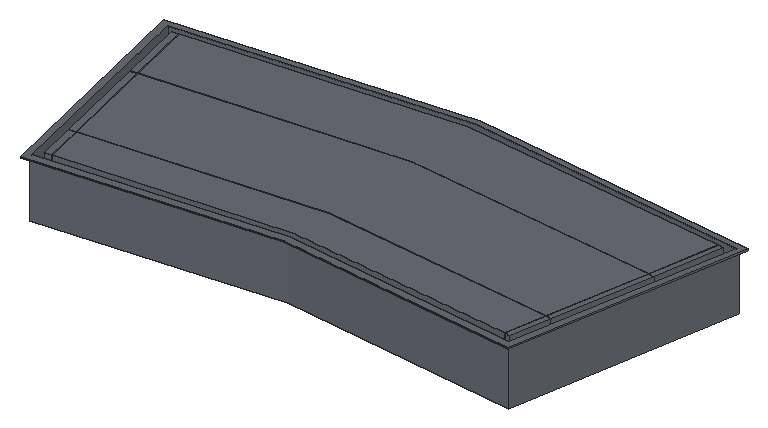
Revit family
Parameters (values of type "PL07 08 5/3")
  Inner Side = 144 mm
  Width = 419 mm
  URL = "http://www.meinertz.com/pictures_org/prodk.pdf"
  Thermal Performance Index = 8
  Thermal Performance Constant = if(Thermal Performance Index = 3, 145, if(Thermal Performance Index = 4, 191, if(Thermal Performance Index = 5, 231, if(Thermal Performance Index = 6, 262, if(Thermal Performance Index = 7, 287, if(Thermal Performance Index = 8, 317, if(Thermal Performance Index = 9, 339, if(Thermal Performance Index = 10, 359, if(Thermal Performance Index = 11, 382, if(Thermal Performance Index = 12, 404, if(Thermal Performance Index = 13, 424, 444)))))))))))  # 317
  Thermal Performance = Thermal Performance Constant * Length / 1000 mm  # 318.9473
  Tapping Depth = if(Tap Radius = 9.5 mm / 2, 13 mm, 17 mm)  # 13 mm
  Tap Radius = 9.5 mm / 2  # 4.75 mm
  R = ((K ^ 2) / (8 * H) + (H / 2))  # 2525 mm
  Outer Side Width = Width - Inner Side - Convector Width  # 96 mm
  Model = "PL07 08 5/3"
  Manufacturer = "Meinertz"  # constant formula
  Length = 2 * 3.14 * R * Alpha / Full Circle  # 1006.143 mm
  Keynote = "PL07 08 5/3"
  K = 1000 mm
  Inner Rad = R - Actual Width  # 2106 mm
  H = 50 mm
  Grill = RAL 7024
  GoGetNo = 6949  # constant formula
  Full Circle = 360.00°  # constant formula
  Frame = RAL 7024
  Flip Convector Side = no
  Depth Outer = if(Flip Convector Side, 20 mm, 70 mm)  # 70 mm
  Depth Inside = if(Flip Convector Side, 70 mm, 20 mm)  # 20 mm
  Count Grill Total = (Width - 13 mm - 22 mm) / 24 mm  # 16
  Count Grill Side 2 = Count Grill Total - Count Grill Main - Count Grill Side 1  # 3
  Count Grill Side 1 = (Inner Side - 11 mm - 13 mm) / 24 mm  # 5
  Count Grill Main = (Convector Width - 11 mm) / 24 mm + 1  # 8
  Convector Width = 179 mm
  Center Rad 2 = Center Rad + Actual Width 2  # 2381 mm
  Center Rad = Inner Rad + Actual Width 1  # 2202 mm
  Alpha = 2 * acos((R - H) / R)  # 22.8424°
  Actual Width 3 = if(Flip Convector Side, Count Grill Side 2 * 24 mm + 24 mm, Count Grill Side 1 * 24 mm + 24 mm)  # 144 mm
  Actual Width 2 = (Count Grill Main - 1) * 24 mm + 11 mm  # 179 mm
  Actual Width 1 = if(Flip Convector Side, Count Grill Side 1 * 24 mm + 24 mm, Count Grill Side 2 * 24 mm + 24 mm)  # 96 mm
  Actual Width = Actual Width 1 + Actual Width 2 + Actual Width 3  # 419 mm
Types (8, lengths in mm): name | Inner Side | Width | Thermal Performance Index | Thermal Performance Constant | Thermal Performance | Outer Side Width | Model | Keynote | Inner Rad | Count Grill Total | Count Grill Side 2 | Count Grill Side 1 | Count Grill Main | Convector Width | Center Rad 2 | Center Rad | Actual Width 3 | Actual Width 2 | Actual Width 1 | Actual Width
  (no name) | 144 | 419 | 8 | 317 | 318.9473 | 96 | "PL07 08 5/3" | "PL07 08 5/3" | 2106 | 16 | 3 | 5 | 8 | 179 | 2381 | 2202 | 144 | 179 | 96 | 419
  PL07 08 5/3 | 144 | 419 | 8 | 317 | 318.9473 | 96 | "PL07 08 5/3" | "PL07 08 5/3" | 2106 | 16 | 3 | 5 | 8 | 179 | 2381 | 2202 | 144 | 179 | 96 | 419
  PL07 09 5/4 | 144 | 467 | 9 | 339 | 341.0825 | 120 | "PL07 09 5/4" | "PL07 09 5/4" | 2058 | 18 | 4 | 5 | 9 | 203 | 2381 | 2178 | 144 | 203 | 120 | 467
  PL07 10 5/5 | 144 | 515 | 10 | 359 | 361.2054 | 144 | "PL07 10 5/5" | "PL07 10 5/5" | 2010 | 20 | 5 | 5 | 10 | 227 | 2381 | 2154 | 144 | 227 | 144 | 515
  PL07 11 6/5 | 168 | 563 | 11 | 382 | 384.3466 | 144 | "PL07 11 6/5" | "PL07 11 6/5" | 1962 | 22 | 5 | 6 | 11 | 251 | 2357 | 2106 | 168 | 251 | 144 | 563
  PL07 12 6/6 | 168 | 611 | 12 | 404 | 406.4818 | 168 | "PL07 12 6/6" | "PL07 12 6/6" | 1914 | 24 | 6 | 6 | 12 | 275 | 2357 | 2082 | 168 | 275 | 168 | 611
  PL07 13 7/6 | 192 | 659 | 13 | 424 | 426.6047 | 168 | "PL07 13 7/6" | "PL07 13 7/6" | 1866 | 26 | 6 | 7 | 13 | 299 | 2333 | 2034 | 192 | 299 | 168 | 659
  PL07 14 7/7 | 192 | 707 | 14 | 444 | 446.7275 | 192 | "PL07 14 7/7" | "PL07 14 7/7" | 1818 | 28 | 7 | 7 | 14 | 323 | 2333 | 2010 | 192 | 323 | 192 | 707
Reference planes
  plane 1 "Center (Front/Back)": y = 0
  plane 2: z = 0
  plane 3 "Center (Left/Right)": x = 0
  plane 4: y = -2475
  plane 5: y = 50
  plane 6: x = -500
  plane 7: x = 500
  plane 8: z = -70
  plane 9: z = -20
  plane 10: z = -100
Forms (mm)
  Extrusion 1, solid, material "RAL 7024" <- "Grill"
    sketch origin (0, 0, 0) x (1, 0, 0) y (0, 1, 0)
      loop
        line (-437.127, -134.47) -> (-401.678, -309.946)
        arc (-401.678, -309.946) -> (0, -273) -> (401.678, -309.946) r 2202
        line (401.678, -309.946) -> (437.127, -134.47)
        arc (437.127, -134.47) -> (0, -94) -> (-437.127, -134.47) r 2381
    from 0 to -70
  Extrusion 2, solid, material "RAL 7024" <- "Grill"
    sketch origin (0, 0, 0) x (1, 0, 0) y (0, 1, 0)
      loop
        arc (-437.127, -134.47) -> (0, -94) -> (437.127, -134.47) r 2381
        line (437.127, -134.47) -> (460.892, -16.834)
        arc (460.892, -16.834) -> (0, 26) -> (-460.892, -16.834) r 2501
        line (-460.892, -16.834) -> (-437.127, -134.47)
      loop
        line (-401.678, -309.946) -> (-387.418, -380.529)
        arc (-387.418, -380.529) -> (0, -345) -> (387.418, -380.529) r 2130
        line (387.418, -380.529) -> (401.678, -309.946)
        arc (401.678, -309.946) -> (0, -273) -> (-401.678, -309.946) r 2202
    from 0 to -20
  Extrusion 3, solid, material "RAL 7024" <- "Frame"
    sketch origin (0, 0, 0) x (1, 0, 0) y (0, 1, 0)
      loop
        line (-471.7, -18.885) -> (-447.936, -136.515)
        arc (-447.936, -136.515) -> (-442.533, -135.486) -> (-437.127, -134.47) r 2381
        line (-437.127, -134.47) -> (-460.892, -16.834)
        arc (-460.892, -16.834) -> (-466.297, -17.854) -> (-471.7, -18.885) r 2501
      loop
        arc (471.7, -18.885) -> (466.297, -17.854) -> (460.892, -16.834) r 2501
        line (460.892, -16.834) -> (437.127, -134.47)
        arc (437.127, -134.47) -> (442.533, -135.486) -> (447.936, -136.515) r 2381
        line (447.936, -136.515) -> (471.7, -18.885)
      loop
        line (-412.489, -311.98) -> (-398.231, -382.558)
        arc (-398.231, -382.558) -> (-392.826, -381.537) -> (-387.418, -380.529) r 2130
        line (-387.418, -380.529) -> (-401.678, -309.946)
        arc (-401.678, -309.946) -> (-407.085, -310.956) -> (-412.489, -311.98) r 2202
      loop
        arc (412.489, -311.98) -> (407.085, -310.956) -> (401.678, -309.946) r 2202
        line (401.678, -309.946) -> (387.418, -380.529)
        arc (387.418, -380.529) -> (392.826, -381.537) -> (398.231, -382.558) r 2130
        line (398.231, -382.558) -> (412.489, -311.98)
    from 0 to -20
  Extrusion 4, solid, material "RAL 7024" <- "Frame"
    sketch origin (0, 0, 0) x (1, 0, 0) y (0, 1, 0)
      loop
        arc (447.936, -136.515) -> (442.538, -135.487) -> (437.137, -134.472) r 2381
        line (437.137, -134.472) -> (401.688, -309.948)
        arc (401.688, -309.948) -> (407.09, -310.957) -> (412.489, -311.98) r 2202
        line (412.489, -311.98) -> (447.936, -136.515)
      loop
        line (-447.936, -136.515) -> (-412.489, -311.98)
        arc (-412.489, -311.98) -> (-407.085, -310.956) -> (-401.678, -309.946) r 2202
        line (-401.678, -309.946) -> (-437.127, -134.47)
        arc (-437.127, -134.47) -> (-442.533, -135.486) -> (-447.936, -136.515) r 2381
    from 0 to -70
  Extrusion 5, solid
    sketch origin (-447.936, -136.515, -50) x (0.19802, -0.980198, 0) y (0, 0, 1)
      loop
        circle (149.01, -5) r 4.75
    from 0 to 13 <- "Tapping Depth"
  Extrusion 6, solid
    sketch origin (-447.936, -136.515, -50) x (0.19802, -0.980198, 0) y (0, 0, 1)
      loop
        circle (30, -5) r 4.75
    from 0 to 13
  Extrusion 7, solid
    sketch origin (447.936, -136.515, -50) x (-0.19802, -0.980198, 0) y (0, 0, -1)
      loop
        circle (149.01, 5) r 4.75
    from 0 to 13 <- "Tapping Depth"
  Extrusion 8, solid
    sketch origin (447.936, -136.515, -50) x (-0.19802, -0.980198, 0) y (0, 0, -1)
      loop
        circle (30, 5) r 4.75
    from 0 to 13 <- "Tapping Depth"
  Sweep 9, solid, material "RAL 7024" <- "Frame"
    path origin (0, 0, 0) x (1, 0, 0) y (0, 1, 0)
      loop
        line (-500, 0) -> (-417.03, -410.703)
        arc (-417.03, -410.703) -> (0, -369) -> (417.03, -410.703) r 2106
        line (417.03, -410.703) -> (500, 0)
        arc (500, 0) -> (0, 50) -> (-500, 0) r 2525
    profile origin (0, 50, 0) x (0, 1, 0) y (0, 0, 1)
      loop
        line (0, 0) -> (-11, 0) -> (-11, -100) -> (-9, -100) -> (-9, -2) -> (0, -2) -> (0, 0)
  Extrusion 10, solid, material "RAL 7024" <- "Frame"
    sketch origin (0, 0, 0) x (1, 0, 0) y (0, 1, 0)
      loop
        line (-484.677, -10.201) -> (-406.457, -397.386)
        arc (-406.457, -397.386) -> (0, -358) -> (406.457, -397.386) r 2117
        line (406.457, -397.386) -> (484.677, -10.201)
        arc (484.677, -10.201) -> (0, 37) -> (-484.677, -10.201) r 2512
    from -100 to -98
Lines and regions (mm)
  reference lines
    curve 1: arc (-500, 0, 0) -> (0, 50, 0) -> (500, 0, 0) r 2525
    curve 2: arc (-495.248, -23.525, 0) -> (0, 26, 0) -> (495.248, -23.525, 0) r 2501
    curve 3: arc (-493.069, -34.307, 0) -> (0, 15, 0) -> (493.069, -34.307, 0) r 2490
    curve 4: arc (-471.485, -141.149, 0) -> (0, -94, 0) -> (471.485, -141.149, 0) r 2381
    curve 5: arc (-421.782, -387.178, 0) -> (0, -345, 0) -> (421.782, -387.178, 0) r 2130
    curve 6: arc (-436.04, -316.604, 0) -> (0, -273, 0) -> (436.04, -316.604, 0) r 2202
    curve 7: line (-500, 0, 0) -> (0, -2475, 0)
    curve 8: line (500, 0, 0) -> (0, -2475, 0)
    curve 9: line (-476.453, 4.641, 0) -> (53.234, -2617.31, 0)
    curve 10: line (476.453, 4.641, 0) -> (-52.244, -2612.409, 0)
    curve 11: line (-465.645, 6.693, 0) -> (0, -2298.25, 0)
    curve 12: line (465.645, 6.693, 0) -> (0, -2298.25, 0)
    curve 13: arc (-423.96, -376.396, 0) -> (0, -334, 0) -> (423.96, -376.396, 0) r 2141
    curve 14: arc (-417.03, -410.703, 0) -> (0, -369, 0) -> (417.03, -410.703, 0) r 2106
    curve 15: arc (-497.426, -12.743, 0) -> (0, 37, 0) -> (497.426, -12.743, 0) r 2512
    curve 16: line (-487.251, 2.541, 0) -> (42.452, -2619.488, 0)
    curve 17: line (487.251, 2.541, 0) -> (-41.462, -2614.587, 0)
    curve 18: arc (-419.208, -399.921, 0) -> (0, -358, 0) -> (419.208, -399.921, 0) r 2117
Dimensions and locks
  "H": plane 5 to plane 1 "Center (Front/Back)"
  "K": plane 6 to plane 7
  equal spacing: plane 6, plane 3 "Center (Left/Right)", plane 7
  "R": plane 5 to plane 4
  "Depth Outer": plane 2 to plane 8
  "Depth Inside": plane 2 to plane 9
  locked: plane 2 to Extrusion 6 sketch curve at 55
  locked: plane 2 to Extrusion 5 sketch curve at 55
  locked: plane 2 to Extrusion 8 sketch curve at 55
  locked: plane 2 to Extrusion 7 sketch curve at 55
  curve 7 to curve 15 to curve 2 to curve 3 = 13 mm locked, 11 mm locked, 11 mm locked
  curve 14 to curve 18 to curve 5 to curve 13 = 11 mm locked, 13 mm locked, 11 mm locked  (x2)
  curve 8 to curve 15 to curve 2 to curve 3 = 13 mm locked, 11 mm locked, 11 mm locked
  curve 7 to curve 16 to curve 9 to curve 11 = 13 mm locked, 11 mm locked, 11 mm locked
  curve 12 to curve 10 to curve 17 to curve 8 = 11 mm locked, 11 mm locked, 13 mm locked
  plane 5 to Sweep 9 sketch curve to Sweep 9 sketch curve = 9 mm locked, 2 mm locked
  "Tap Radius": radius of Extrusion 6 sketch curve
  "Tap Radius": radius of Extrusion 5 sketch curve
  "Tap Radius": radius of Extrusion 8 sketch curve
  "Tap Radius": radius of Extrusion 7 sketch curve
  "Inner Rad": radius of curve 14
  "Center Rad": radius of curve 6
  "Center Rad 2": radius of curve 4
  "R": radius of curve 1
  aligned and locked: level to plane 2
  aligned and locked: plane 1 "Center (Front/Back)" to curve 1  (x2)
  aligned and locked: plane 4 to curve 7
  aligned and locked: Extrusion 1 sketch curve to curve 4
  aligned and locked: Extrusion 2 sketch curve to curve 4
  aligned and locked: curve 11 to Extrusion 2 sketch curve  (x2)
  aligned and locked: Extrusion 2 sketch curve to curve 6
  aligned and locked: curve 12 to Extrusion 2 sketch curve  (x2)
  aligned and locked: Extrusion 3 sketch curve to curve 2  (x2)
  aligned and locked: curve 11 to Extrusion 3 sketch curve  (x2)
  aligned and locked: curve 9 to Extrusion 3 sketch curve  (x2)
  aligned and locked: Extrusion 3 sketch curve to curve 4  (x2)
  aligned and locked: curve 12 to Extrusion 3 sketch curve  (x2)
  aligned and locked: curve 10 to Extrusion 3 sketch curve  (x2)
  aligned and locked: curve 10 to Extrusion 4 sketch curve
  aligned and locked: Extrusion 4 sketch curve to curve 4
  aligned and locked: curve 9 to Extrusion 4 sketch curve
  aligned and locked: curve 11 to Extrusion 4 sketch curve
  aligned and locked: plane 8 to Extrusion 1
  aligned and locked: plane 9 to Extrusion 2
  aligned and locked: Extrusion 4 sketch curve to Extrusion 2  (x4)
  aligned: Extrusion 3 to plane 8
  aligned: Extrusion 4 to plane 9
  aligned and locked: Extrusion 1 sketch curve to curve 6
  aligned and locked: curve 11 to Extrusion 1 sketch curve
  aligned and locked: curve 12 to Extrusion 1 sketch curve
  aligned and locked: Extrusion 3 sketch curve to curve 5  (x2)
  aligned and locked: Extrusion 3 sketch curve to curve 6  (x2)
  aligned and locked: Extrusion 2 sketch curve to curve 2
  aligned and locked: Extrusion 2 sketch curve to curve 5
  aligned and locked: Extrusion 4 to plane 8
  aligned and locked: Extrusion 3 to plane 9
  aligned and locked: Sweep 9 sketch curve to curve 1
  aligned and locked: Sweep 9 sketch curve to curve 7
  aligned and locked: Sweep 9 sketch curve to curve 14
  aligned and locked: Sweep 9 sketch curve to curve 8
  aligned and locked: Sweep 9 sketch curve to plane 2
  aligned and locked: plane 5 to Sweep 9 sketch curve
  aligned and locked: plane 10 to Sweep 9 sketch curve
  aligned and locked: Extrusion 10 sketch curve to curve 15
  aligned and locked: curve 16 to Extrusion 10 sketch curve
  aligned and locked: curve 17 to Extrusion 10 sketch curve
  aligned and locked: Extrusion 10 sketch curve to curve 18
  aligned and locked: Extrusion 10 to plane 10
Automatic sketch dimensions
  Extrusion 4 to Extrusion 5 sketch curve = 30 mm
  Extrusion 4 to Extrusion 6 sketch curve = 30 mm
  Extrusion 7 sketch curve to Extrusion 4 = 30 mm
  Extrusion 8 sketch curve to Extrusion 4 = 30 mm
  Extrusion 4 sketch curve to Extrusion 4 sketch curve = 10.801 mm
  Extrusion 4 sketch curve to Extrusion 4 sketch curve = 10.799 mm
  curve 1 to curve 2 = 0 mm
  curve 1 to curve 3 = 0 mm
  curve 1 to curve 4 = 0 mm  (x2)
  curve 1 to curve 5 = 0 mm
  curve 1 to curve 6 = 0 mm
  curve 1 to curve 13 = 0 mm
  curve 1 to curve 14 = 0 mm
  curve 2 to curve 18 = 0 mm
  curve 6 to curve 18 = 0 mm
  curve 14 to curve 18 = 0 mm
  curve 15 to curve 18 = 0 mm
  curve 1 to plane 6 = 0 mm
  curve 7 to plane 3 "Center (Left/Right)" = 0 mm
  curve 11 to plane 3 "Center (Left/Right)" = 0 mm
  curve 18 to plane 4 = 0 mm
  plane 3 "Center (Left/Right)" to curve 16 = 42.452 mm
  curve 17 to plane 1 "Center (Front/Back)" = 2.541 mm
  curve 17 to curve 10 = 2.178 mm
  curve 9 to curve 17 = 2.723 mm
  curve 16 to curve 9 = 2.178 mm
  Sweep 9 sketch curve to level = 2 mm
Connectors
  piping at (-454.738, -168.495, -55)
    settings: on Extrusion 6, index 3, connector radius 4.8 mm, flow factor 0, pipe flow 0.0 L/s, pressure drop 0.0 Pa, fitting loss kfactor 0, connector angle 0.00°, fixture units 0, flow configuration 1, flow direction 1, fitting loss method 0, system type 22, connector reference index -1, connector utility 0, adjustable connector no, is connector primary yes, fitting loss table "", connector description ""
  piping at (-431.172, -285.148, -55)
    settings: on Extrusion 5, index 4, connector radius 4.8 mm, flow factor 0, pipe flow 0.0 L/s, pressure drop 0.0 Pa, fitting loss kfactor 0, connector angle 0.00°, fixture units 0, flow configuration 1, flow direction 2, fitting loss method 0, system type 22, connector reference index -1, connector utility 0, adjustable connector no, is connector primary no, fitting loss table "", connector description ""
  piping at (431.172, -285.148, -55)
    settings: on Extrusion 7, index 5, connector radius 4.8 mm, flow factor 0, pipe flow 0.0 L/s, pressure drop 0.0 Pa, fitting loss kfactor 0, connector angle 0.00°, fixture units 0, flow configuration 1, flow direction 1, fitting loss method 0, system type 22, connector reference index -1, connector utility 0, adjustable connector no, is connector primary no, fitting loss table "", connector description ""
  piping at (454.738, -168.495, -55)
    settings: on Extrusion 8, index 6, connector radius 4.8 mm, flow factor 0, pipe flow 0.0 L/s, pressure drop 0.0 Pa, fitting loss kfactor 0, connector angle 0.00°, fixture units 0, flow configuration 1, flow direction 2, fitting loss method 0, system type 22, connector reference index -1, connector utility 0, adjustable connector no, is connector primary no, fitting loss table "", connector description ""
